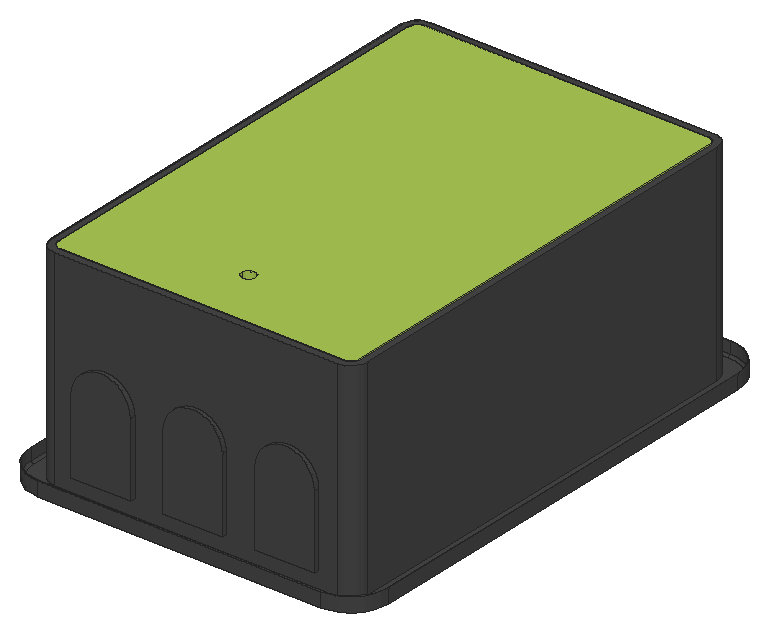
Revit family "VB Series Valves Boxes -  Max Jumbo Valve Box", category Acessórios do tubo, Revit 2020
Family settings
  Cota do conector redondo = Utilizar diâmetro
  Tipo de parte = Normal
  Número OmniClass = 23.60.00.00
  Título OmniClass = General Purpose: Services
  Com base no plano de trabalho = Não
  Sempre na vertical = Sim
  Corte com vazios quando carregada = Não
  Compartilhado = Não
Parameters (values of type "Max Jumbo Valve Box")
  x = 7 cm
  Door 6 [instance] = yes
  Door 5 [instance] = yes
  Door 4 [instance] = yes
  Door 3 [instance] = yes
  Door 2 [instance] = yes
  Door 1 [instance] = yes
  DDT4 = 0.1 cm
  URL = "https://www.rainbird.com/"
  Width = 68.8 cm
  SupportProjetos: Reviw Date = ""  # constant formula
  SupportProjetos: Reviw = "R00"  # constant formula
  SupportProjetos: Level of Detail = "LOD300"  # constant formula
  SupportProjetos: Developed = "MICHEL SOARES MOTA"  # constant formula
  SupportProjetos: Creation Date = "08/09/2020"  # constant formula
  RainBird: Product Link = "https://www.rainbird.com/"
  RainBird: Description = "VB Series Valves Boxes - Max Jumbo Valve Box"
  RainBird: Comment = ""
  RainBird: Code = "A61483"  # constant formula
  R = 3.5 cm
  Plastic 2 = Green 2
  Plastic 1 = Black
  Open/Close Box [instance] = yes
  Modelo = "VBMAXH"
  Height = 45.7 cm
  Elevação padrão = 0 cm
  Descrição = RainBird: Description  # "VB Series Valves Boxes - Max Jumbo Valve Box"
  DDT8 = 3 cm
  DDT7 = 4 cm
  DDT6 = 1.5 cm
  DDT5 = 2 cm
  DDT3 = Length / 2  # 51.2 cm
  DDT2 = Width / 2  # 34.4 cm
  DDT1 = 0.1 cm
  Length = 102.4 cm
Reference planes (cm)
  plane 1 "Centro (Frente/Trás)": y = 0
  plane 2: z = 0
  plane 3 "Centro (Esquerda/Direita)": x = 0
Forms (cm)
  Sweep 1, solid, material "Black" <- "Plastic 1"
    path origin (0, 0, 0) x (1, 0, 0) y (0, 1, 0)
      loop
        arc (-30.9, 51.2) -> (-33.3749, 50.1749) -> (-34.4, 47.7) r 3.5
        line (-34.4, 47.7) -> (-34.4, -47.7)
        arc (-34.4, -47.7) -> (-33.3749, -50.1749) -> (-30.9, -51.2) r 3.5
        line (-30.9, -51.2) -> (30.9, -51.2)
        arc (30.9, -51.2) -> (33.3749, -50.1749) -> (34.4, -47.7) r 3.5
        line (34.4, -47.7) -> (34.4, 47.7)
        arc (34.4, 47.7) -> (33.3749, 50.1749) -> (30.9, 51.2) r 3.5
        line (30.9, 51.2) -> (-30.9, 51.2)
    profile origin (0, 51.2, 0) x (0, 1, 0) y (0, 0, 1)
      loop
        line (4.7, -45.7) -> (4.7, -42.6) -> (4.6, -42.6) -> (4.6, -45.1)
        arc (4.6, -45.1) -> (4.4536, -45.4536) -> (4.1, -45.6) r 0.5
        line (4.1, -45.6) -> (0.1, -45.6) -> (0.1, 0) -> (-1.4, 0) -> (-1.4, -0.1) -> (0, -0.1) -> (0, -45.7) -> (4.7, -45.7)
  Extrusion 2, solid, material "Green 2" <- "Plastic 2", visible <- "Open/Close Box"
    sketch origin (0, 0, 0) x (1, 0, 0) y (0, 1, 0)
      loop
        arc (-32.9, -47.606) -> (-32.2867, -49.0867) -> (-30.806, -49.7) r 2.094
        line (-30.806, -49.7) -> (30.8898, -49.7)
        arc (30.8898, -49.7) -> (32.3112, -49.1112) -> (32.9, -47.6898) r 2.0102
        line (32.9, -47.6898) -> (32.9, 47.6039)
        arc (32.9, 47.6039) -> (32.2861, 49.0861) -> (30.8039, 49.7) r 2.0961
        line (30.8039, 49.7) -> (-30.7724, 49.7)
        arc (-30.7724, 49.7) -> (-32.2768, 49.0768) -> (-32.9, 47.5724) r 2.1276
        line (-32.9, 47.5724) -> (-32.9, -47.606)
    from -2 to 0
  Extrusion 3, void
    sketch origin (0.1435, 0, -17.125) x (1, 0, 0) y (0, 0, 1)
      loop
        line (-6.7363, -24.9953) -> (6.2802, -24.9953) -> (6.2802, -8.8711)
        arc (6.2802, -8.8711) -> (-0.228, -2.3629) -> (-6.7363, -8.8711) r 6.5082
        line (-6.7363, -8.8711) -> (-6.7363, -24.9953)
    from -51.3 to 51.3
  Extrusion 4, void
    sketch origin (-0.1631, -23.2276, 0) x (1, 0, 0) y (0, 1, 0)
      loop
        circle (0, -13.6318) r 1.5
    from -2 to 0
  Extrusion 5, void
    sketch origin (-19.8565, 0, -17.125) x (1, 0, 0) y (0, 0, 1)
      loop
        line (-6.7363, -24.9953) -> (6.2802, -24.9953) -> (6.2802, -8.8711)
        arc (6.2802, -8.8711) -> (-0.228, -2.3629) -> (-6.7363, -8.8711) r 6.5082
        line (-6.7363, -8.8711) -> (-6.7363, -24.9953)
    from -51.3 to 51.3
  Extrusion 6, void
    sketch origin (19.8565, 0, -17.125) x (-1, 0, 0) y (0, 0, -1)
      loop
        line (-6.7363, 24.9953) -> (-6.7363, 8.8711)
        arc (-6.7363, 8.8711) -> (-0.228, 2.3629) -> (6.2802, 8.8711) r 6.5082
        line (6.2802, 8.8711) -> (6.2802, 24.9953) -> (-6.7363, 24.9953)
    from -51.3 to 51.3
  Extrusion 7, solid, material "Black" <- "Plastic 1", visible <- "Door 1"
    sketch origin (0, 0, 0) x (1, 0, 0) y (0, 0, 1)
      loop
        arc (-13.5763, -25.9961) -> (-20.0845, -19.4879) -> (-26.5928, -25.9961) r 6.5082
        line (-26.5928, -25.9961) -> (-26.5928, -42.1203) -> (-13.5763, -42.1203) -> (-13.5763, -25.9961)
    from 51.2 to 52.2518
  Extrusion 8, solid, material "Black" <- "Plastic 1", visible <- "Door 2"
    sketch origin (20, 0, 0) x (1, 0, 0) y (0, 0, 1)
      loop
        arc (-13.5763, -25.9961) -> (-20.0845, -19.4879) -> (-26.5928, -25.9961) r 6.5082
        line (-26.5928, -25.9961) -> (-26.5928, -42.1203) -> (-13.5763, -42.1203) -> (-13.5763, -25.9961)
    from 51.2 to 52.2518
  Extrusion 9, solid, material "Black" <- "Plastic 1", visible <- "Door 3"
    sketch origin (40.1691, 0, 0) x (1, 0, 0) y (0, 0, 1)
      loop
        arc (-13.5763, -25.9961) -> (-20.0845, -19.4879) -> (-26.5928, -25.9961) r 6.5082
        line (-26.5928, -25.9961) -> (-26.5928, -42.1203) -> (-13.5763, -42.1203) -> (-13.5763, -25.9961)
    from 51.2 to 52.2518
  Extrusion 10, solid, material "Black" <- "Plastic 1", visible <- "Door 6"
    sketch origin (0, 0, 0) x (1, 0, 0) y (0, 0, -1)
      loop
        line (-13.5763, 25.9961) -> (-13.5763, 42.1203) -> (-26.5928, 42.1203) -> (-26.5928, 25.9961)
        arc (-26.5928, 25.9961) -> (-20.0845, 19.4879) -> (-13.5763, 25.9961) r 6.5082
    from 51.2 to 52.2518
  Extrusion 11, solid, material "Black" <- "Plastic 1", visible <- "Door 5"
    sketch origin (20, 0, 0) x (1, 0, 0) y (0, 0, -1)
      loop
        line (-13.5763, 25.9961) -> (-13.5763, 42.1203) -> (-26.5928, 42.1203) -> (-26.5928, 25.9961)
        arc (-26.5928, 25.9961) -> (-20.0845, 19.4879) -> (-13.5763, 25.9961) r 6.5082
    from 51.2 to 52.2518
  Extrusion 12, solid, material "Black" <- "Plastic 1", visible <- "Door 4"
    sketch origin (40.1691, 0, 0) x (1, 0, 0) y (0, 0, -1)
      loop
        line (-13.5763, 25.9961) -> (-13.5763, 42.1203) -> (-26.5928, 42.1203) -> (-26.5928, 25.9961)
        arc (-26.5928, 25.9961) -> (-20.0845, 19.4879) -> (-13.5763, 25.9961) r 6.5082
    from 51.2 to 52.2518
Cuts and joins
  Extrusion 3, Extrusion 5, Extrusion 6 cuts Sweep 1
  Extrusion 4 cuts Extrusion 2
Dimensions and locks (cm)
  equal spacing: Sweep 1 sketch curve, plane 3 "Centro (Esquerda/Direita)", Sweep 1 sketch curve
  equal spacing: Sweep 1 sketch curve, plane 1 "Centro (Frente/Trás)", Sweep 1 sketch curve
  "Length": Sweep 1 sketch curve to Sweep 1 sketch curve
  "Width": Sweep 1 sketch curve to Sweep 1 sketch curve
  "DDT3": plane 1 "Centro (Frente/Trás)" to Sweep 1 sketch curve
  "Height": level to Sweep 1 sketch curve
  "DDT5": level to Extrusion 2
  "DDT6": Sweep 1 sketch curve to Sweep 1 sketch curve
  "DDT1": Sweep 1 sketch curve to Sweep 1 sketch curve  (x4)
  "DDT4": Sweep 1 to Extrusion 2 sketch curve
  "DDT4": Extrusion 2 sketch curve to Sweep 1  (x3)
  "DDT8": Sweep 1 sketch curve to Sweep 1 sketch curve
  "DDT7": Sweep 1 sketch curve to Sweep 1 sketch curve
  cut or joined group of Extrusion 2, Extrusion 4 to cut or joined group of Extrusion 2, Extrusion 4 = 65.8 cm
  cut or joined group of Extrusion 2, Extrusion 4 to cut or joined group of Extrusion 2, Extrusion 4 = 99.4 cm
  cut or joined group of Sweep 1, Extrusion 3, Extrusion 5, Extrusion 6 to cut or joined group of Sweep 1, Extrusion 3, Extrusion 5, Extrusion 6 = 13.0165 cm
  "R": radius of Sweep 1 sketch curve  (x4)
  aligned and locked: level to plane 2
  aligned and locked: level to Extrusion 2
  aligned and locked: Extrusion 2 to Extrusion 4  (x2)
Automatic sketch dimensions
  Extrusion 2 sketch curve to Extrusion 2 sketch curve = 2.094 cm
  Extrusion 2 sketch curve to Extrusion 2 sketch curve = 2.1276 cm
  Extrusion 2 sketch curve to Extrusion 2 sketch curve = 2.0961 cm
  Extrusion 2 sketch curve to Extrusion 2 sketch curve = 2.0102 cm
  Extrusion 3 sketch curve to plane 3 "Centro (Esquerda/Direita)" = 6.5928 cm
  Extrusion 3 sketch curve to plane 3 "Centro (Esquerda/Direita)" = 0.0845 cm
  Extrusion 3 sketch curve to level = 42.1203 cm
  Extrusion 3 sketch curve to Extrusion 3 sketch curve = 16.1242 cm
  Extrusion 4 sketch curve to plane 3 "Centro (Esquerda/Direita)" = 0.1631 cm
  plane 1 "Centro (Frente/Trás)" to Extrusion 4 sketch curve = 36.8595 cm
  Extrusion 5 sketch curve to plane 3 "Centro (Esquerda/Direita)" = 26.5928 cm
  Extrusion 5 sketch curve to Extrusion 5 sketch curve = 6.5082 cm
  Extrusion 5 sketch curve to level = 42.1203 cm
  Extrusion 5 sketch curve to Extrusion 5 sketch curve = 16.1242 cm
  Extrusion 6 sketch curve to plane 3 "Centro (Esquerda/Direita)" = 26.5928 cm
  Extrusion 6 sketch curve to Extrusion 6 sketch curve = 6.5082 cm
  level to Extrusion 6 sketch curve = 42.1203 cm
  Extrusion 6 sketch curve to Extrusion 6 sketch curve = 16.1242 cm
  Extrusion 7 sketch curve to plane 3 "Centro (Esquerda/Direita)" = 26.5928 cm
  Extrusion 7 sketch curve to Extrusion 7 sketch curve = 6.5082 cm
  Extrusion 7 sketch curve to level = 42.1203 cm
  Extrusion 7 sketch curve to Extrusion 7 sketch curve = 16.1242 cm
  Extrusion 8 sketch curve to plane 3 "Centro (Esquerda/Direita)" = 6.5928 cm
  Extrusion 8 sketch curve to plane 3 "Centro (Esquerda/Direita)" = 0.0845 cm
  Extrusion 8 sketch curve to level = 42.1203 cm
  Extrusion 8 sketch curve to Extrusion 8 sketch curve = 16.1242 cm
  plane 3 "Centro (Esquerda/Direita)" to Extrusion 9 sketch curve = 13.5763 cm
  Extrusion 9 sketch curve to Extrusion 9 sketch curve = 6.5082 cm
  Extrusion 9 sketch curve to level = 42.1203 cm
  Extrusion 9 sketch curve to Extrusion 9 sketch curve = 16.1242 cm
  Extrusion 10 sketch curve to plane 3 "Centro (Esquerda/Direita)" = 26.5928 cm
  Extrusion 10 sketch curve to Extrusion 10 sketch curve = 6.5082 cm
  Extrusion 10 sketch curve to level = 25.9961 cm
  Extrusion 10 sketch curve to Extrusion 10 sketch curve = 16.1242 cm
  Extrusion 11 sketch curve to plane 3 "Centro (Esquerda/Direita)" = 6.5928 cm
  Extrusion 11 sketch curve to plane 3 "Centro (Esquerda/Direita)" = 0.0845 cm
  Extrusion 11 sketch curve to level = 25.9961 cm
  Extrusion 11 sketch curve to Extrusion 11 sketch curve = 16.1242 cm
  plane 3 "Centro (Esquerda/Direita)" to Extrusion 12 sketch curve = 13.5763 cm
  Extrusion 12 sketch curve to Extrusion 12 sketch curve = 6.5082 cm
  Extrusion 12 sketch curve to level = 25.9961 cm
  Extrusion 12 sketch curve to Extrusion 12 sketch curve = 16.1242 cm
  Sweep 1 sketch curve to profile plane = 0 cm
  Sweep 1 sketch curve to Sweep 1 sketch curve = 0.5 cm
  radius of Extrusion 4 sketch curve = 1.5 cm
